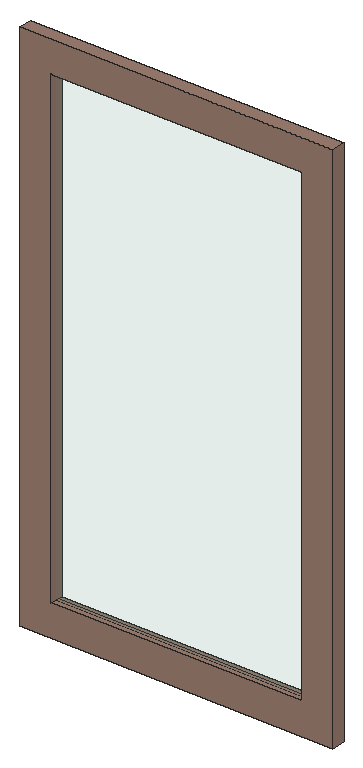
Revit family "Folha_Vidro", category Janelas, Revit 2015
Parameters
  Largura = 70 cm
  Espessura do vidro = 0.6 cm
  Construção analítica = "<Nenhum>"
  Type Comments = ""
  Rough Width = 0 cm
  Rough Height = 0 cm
  Espessura da folha = 3 cm
  Largura do caixilho = 7 cm
  Caixilho = Janela - Caixilho
  Fabricante = "Marco Rocha"
  Vidro = Vidro, vitrificação transparente
  Altura = 120 cm
  Assembly Code = ""
Reference planes (cm)
  plane 1 "Center (Front/Back)": y = 0
  plane 2: z = -1
  plane 3 "Center (Left/Right)": x = 0.5
  plane 4: y = 1.5
  plane 5: y = -1.5
  plane 6: y = 0
  plane 7: z = -61
  plane 8: z = 59
  plane 9: z = 52
  plane 10: z = -54
  plane 11: x = 28.5
  plane 12: x = -27.5
  plane 13: x = -34.5
  plane 14: x = 35.5
  plane 15: y = 0.3
  plane 16: y = -0.3
Forms (cm)
  Extrusion 1, solid, material "Janela - Caixilho" <- "Caixilho"
    sketch origin (0, 0, -140) x (1, 0, 0) y (0, 0, 1)
      loop
        line (-34.5, 199) -> (-34.5, 79) -> (35.5, 79) -> (35.5, 199) -> (-34.5, 199)
      loop
        line (-27.5, 192) -> (-27.5, 86) -> (28.5, 86) -> (28.5, 192) -> (-27.5, 192)
    from -1.5 to 1.5
  Extrusion 2, solid, material "Vidro, vitrificação transparente" <- "Vidro"
    sketch origin (0, 0, 0) x (1, 0, 0) y (0, 0, 1)
      loop
        line (-27.5, 52) -> (-27.5, -54) -> (28.5, -54) -> (28.5, 52) -> (-27.5, 52)
    from -0.3 to 0.3
Lines and regions (cm)
  symbolic lines, style "WindowsGlassProjection"
    curve 1: line (-27.5, 0, 0) -> (28.5, 0, 0)
    curve 12: line (0.5, 0, 52) -> (0.5, 0, -54)
  symbolic lines, style "WindowsFrameMullionProjection"
    curve 2: line (-27.5, 1.5, 0) -> (-27.5, -1.5, 0)
    curve 3: line (28.5, 1.5, 0) -> (28.5, -1.5, 0)
    curve 4: line (-34.5, 1.5, 0) -> (-27.5, 1.5, 0)
    curve 5: line (-34.5, -1.5, 0) -> (-27.5, -1.5, 0)
    curve 6: line (28.5, -1.5, 0) -> (35.5, -1.5, 0)
    curve 7: line (28.5, 1.5, 0) -> (35.5, 1.5, 0)
    curve 8: line (-34.5, 1.5, 0) -> (-34.5, -1.5, 0)
    curve 9: line (35.5, 1.5, 0) -> (35.5, -1.5, 0)
    curve 10: line (-27.5, 1.5, 0) -> (28.5, 1.5, 0)
    curve 11: line (-27.5, -1.5, 0) -> (28.5, -1.5, 0)
Dimensions and locks (cm)
  equal spacing: plane 4, plane 6, plane 5
  "Espessura da folha": plane 4 to plane 5
  "Largura do caixilho": plane 8 to plane 9
  "Largura do caixilho": plane 10 to plane 7
  "Altura": plane 8 to plane 7
  equal spacing: plane 11, plane 3 "Center (Left/Right)", plane 12
  "Largura do caixilho": plane 12 to plane 13
  "Largura do caixilho": plane 11 to plane 14
  "Largura": plane 14 to plane 13
  equal spacing: plane 9, plane 2, plane 10
  equal spacing: plane 15, plane 6, plane 16
  "Espessura do vidro": plane 15 to plane 16
  aligned and locked: plane 13 to Extrusion 1 sketch curve
  aligned and locked: plane 12 to Extrusion 1 sketch curve
  aligned and locked: plane 7 to Extrusion 1 sketch curve
  aligned and locked: plane 10 to Extrusion 1 sketch curve
  aligned and locked: Extrusion 1 sketch curve to plane 14
  aligned and locked: plane 11 to Extrusion 1 sketch curve
  aligned and locked: Extrusion 1 sketch curve to plane 8
  aligned and locked: Extrusion 1 sketch curve to plane 9
  aligned and locked: plane 10 to Extrusion 1
  aligned and locked: Extrusion 2 sketch curve to plane 9
  aligned and locked: plane 12 to Extrusion 2 sketch curve
  aligned and locked: plane 10 to Extrusion 2 sketch curve
  aligned and locked: plane 11 to Extrusion 2 sketch curve
  aligned and locked: plane 15 to Extrusion 2
  aligned and locked: plane 16 to Extrusion 2
  aligned and locked: plane 4 to Extrusion 1
  aligned and locked: Extrusion 1 to plane 5
  aligned and locked: plane 12 to curve 1
  aligned and locked: curve 1 to plane 6
  aligned and locked: plane 4 to curve 2
  aligned and locked: plane 5 to curve 2
  aligned and locked: plane 12 to Extrusion 1
  aligned and locked: curve 3 to Extrusion 1
  aligned and locked: plane 11 to Extrusion 1
  aligned and locked: plane 4 to curve 3
  aligned and locked: plane 11 to curve 6
  aligned and locked: plane 14 to curve 6
  aligned and locked: curve 6 to plane 5
  aligned and locked: plane 14 to curve 7
  aligned and locked: plane 13 to curve 4
  aligned and locked: plane 12 to curve 4
  aligned and locked: plane 13 to curve 5
  aligned and locked: curve 5 to plane 5
  aligned and locked: curve 4 to plane 4
Automatic sketch dimensions
  curve 12 to plane 1 "Center (Front/Back)" = 0 cm
  curve 12 to plane 10 = 0 cm
  curve 12 to plane 9 = 0 cm
